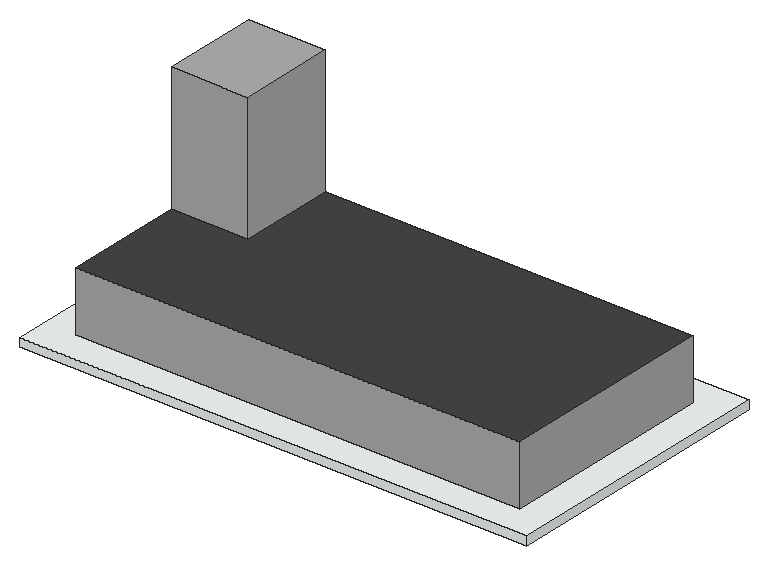
Revit family "1HVAC_Ductwork_Airzone_Supply-Motorized-Curved-Slat-Grille_RIC1", category Air Terminals, Revit 2016
Family settings
  Part Type = Normal
  Round Connector Dimension = Use Diameter
  OmniClass Number = 23.75.70.21.27.11
  OmniClass Title = Diffusers, Registers, and Grilles
  Work Plane-Based = No
  Always vertical = Yes
  Cut with Voids When Loaded = No
  Shared = No
  Room Calculation Point = Yes
Parameters (values of type "INVALID TYPE - Use Load Family and Type Catalog instead")
  c8 = -0.5271  # constant formula
  c7 = 0.01545  # constant formula
  c6 = -11.04  # constant formula
  c5 = 67.31  # constant formula
  c4 = -15.62  # constant formula
  c3 = -136.9  # constant formula
  c2 = -2.091  # constant formula
  c1 = 0.000112  # constant formula
  Velocity [instance] = (Q / (36 * Ak)) * 1.0 m/s  # 1.6469 m/s
  URL = "www.airzone.es"
  Type Image Comments = "Image available in product documentation download"  # constant formula
  Type Comments = ""
  Throw Distance [instance] = round((c7 * (Ak ^ c8) * Q) * 1000) * 1 mm  # 1421 mm
  Sound Level in dBA [instance] = round((c3 + (c4 * log(Ak))) + ((c5 + (c6 * log(Ak))) * log(Q)))  # -6
  Revit Model Version = "1.0"  # constant formula
  Q [instance] = Flow / 1 m³/h  # 150
  Product Documentation Download URL = "http://doc.airzone.es/BIM/Motorized_air_diffusion/Airzone_RIC.zip"
  Product Comments = "Refer to technical documentation for further details"  # constant formula
  Product Code = "INVALID – Type not loaded via type catalog"
  Pressure Drop [instance] = ((c1 * (Ak ^ c2)) * (Q ^ 2)) * 1.0 Pa  # 0.361806 Pa
  Model = Product Code  # "INVALID – Type not loaded via type catalog"
  Min Flow = 150 m³/h
  Max Flow = 1500 m³/h
  Manufacturer = "AIRZONE"  # constant formula
  Main Material = Metal - AIRZONE - Extruded Aluminium - White (RAL 9010)
  Long Description = "RIC curved-slat smart grille made of extruded aluminum with 26-mm frame. Made up of two parts: a first row of horizontal slats that can be manually adjusted and a second row of horizontal slats controlled by connecting rod-actuator assembly. It allows you to regulate the air flow to guarantee a perfect air distribution."  # constant formula
  Grille Material = Metal - AIRZONE - Grille 25 mm - White (RAL 9010)
  Flow [instance] = 150 m³/h
  Fixing = "Screw (T), mounting frame required"  # constant formula
  Finish = "White (RAL 9010)"
  Effective Area = Ak * 100.00 cm²  # 253.00 cm²
  Duct Width = 300 mm
  Duct Height = 150 mm
  Disclaimer = "All information provided in this model is reviewed before being published. However, Airzone cannot guarantee this model is error-free, therefore users are strongly encouraged to check for technical documentation and updates"  # constant formula
  Description = "Curved-slat smart motorized grille"  # constant formula
  Compatible Accesories = "Mounting frame. Manual flow regulation. Plenum for grille (PREJ, FR-X2F). Grille deflector"  # constant formula
  Ak = 2.53
  Actuator Description = "MINT - Smart grille actuator - 12V, 40mA, 250mA max, 0.8 Nm"  # constant formula
  Accessories Material = Metal - AIRZONE - Extruded Aluminium - Anodized (Matt Silver Color)
Reference planes
  plane 1 "Center (Front/Back)": y = 0
  plane 2: z = 0
  plane 3 "Center (Left/Right)": x = 0
  plane 4 "Left": x = -150
  plane 5 "Right": x = 150
  plane 6 "Front": y = -75
  plane 7 "Back": y = 75
Forms (mm)
  Extrusion 1, solid, material "Metal - AIRZONE - Extruded Aluminium - White (RAL 9010)" <- "Main Material", detail levels fine
    sketch origin (0, 0, 0) x (1, 0, 0) y (0, 1, 0)
      loop
        line (-166, 91) -> (-166, -91) -> (166, -91) -> (166, 91) -> (-166, 91)
    from 0 to -5.5
  Extrusion 2, solid, material "Metal - AIRZONE - Extruded Aluminium - Anodized (Matt Silver Color)" <- "Accessories Material"
    sketch origin (0, 0, 0) x (1, 0, 0) y (0, 1, 0)
      loop
        line (-145.7, 70.7) -> (-145.7, -70.7) -> (145.7, -70.7) -> (145.7, 70.7) -> (-145.7, 70.7)
    from 0 to 39.4
  Extrusion 3, solid, material "Metal - AIRZONE - Extruded Aluminium - White (RAL 9010)" <- "Main Material", detail levels coarse+medium
    sketch origin (0, 0, 0) x (1, 0, 0) y (0, 1, 0)
      loop
        line (-166, 91) -> (-166, -91) -> (166, -91) -> (166, 91) -> (-166, 91)
    from 0 to -5.5
  Extrusion 4, solid, material "Metal - AIRZONE - Extruded Aluminium - Anodized (Matt Silver Color)" <- "Accessories Material", detail levels medium+fine
    sketch origin (-150, 0, 0) x (0, 1, 0) y (0, 0, 1)
      loop
        line (70.7, 122.7) -> (7.7, 122.7) -> (7.7, 39.4) -> (70.7, 39.4) -> (70.7, 122.7)
    from 4.3 to 54.6
Lines and regions (mm)
  Split face 1
    outline origin (0, 0, -5.5) x (1, 0, 0) y (0, 1, 0)
      loop
        line (-140, -65) -> (140, -65) -> (140, 65) -> (-140, 65) -> (-140, -65)
  model lines, detail levels medium
    curve 1: line (-140, 65, -5.5) -> (140, 65, -5.5)
    curve 2: line (-140, -65, -5.5) -> (-140, 65, -5.5)
    curve 3: line (140, -65, -5.5) -> (-140, -65, -5.5)
    curve 4: line (140, 65, -5.5) -> (140, -65, -5.5)
  symbolic lines
    curve 5: line (-150, 75, 0) -> (150, 75, 0)
    curve 6: line (-150, -75, 0) -> (-150, 75, 0)
    curve 7: line (150, -75, 0) -> (-150, -75, 0)
    curve 8: line (150, 75, 0) -> (150, -75, 0)
    curve 9: line (-150, -75, 0) -> (150, 75, 0)
    curve 10: line (150, -75, 0) -> (-150, 75, 0)
  model lines, detail levels coarse
    curve 11: line (-166, -91, -5.5) -> (166, 91, -5.5)
    curve 12: line (166, 91, -5.5) -> (-166, 91, -5.5)
    curve 13: line (-166, 91, -5.5) -> (166, -91, -5.5)
Dimensions and locks
  equal spacing: plane 4 "Left", plane 3 "Center (Left/Right)", plane 5 "Right"
  equal spacing: plane 7 "Back", plane 1 "Center (Front/Back)", plane 6 "Front"
  "Duct Width": plane 4 "Left" to plane 5 "Right"
  "Duct Height": plane 7 "Back" to plane 6 "Front"
  locked: Extrusion 1 sketch curve to plane 4 "Left" at 16
  locked: plane 5 "Right" to Extrusion 1 sketch curve at 16
  locked: Extrusion 1 sketch curve to plane 7 "Back" at 16
  locked: plane 6 "Front" to Extrusion 1 sketch curve at 16
  locked: plane 4 "Left" to Split face 1 sketch curve at 10
  locked: Split face 1 sketch curve to plane 5 "Right" at 10
  locked: plane 7 "Back" to Split face 1 sketch curve at 10
  locked: Split face 1 sketch curve to plane 6 "Front" at 10
  locked: plane 4 "Left" to Extrusion 2 sketch curve at 4.3
  locked: Extrusion 2 sketch curve to plane 5 "Right" at 4.3
  locked: plane 7 "Back" to Extrusion 2 sketch curve at 4.3
  locked: Extrusion 2 sketch curve to plane 6 "Front" at 4.3
  locked: Extrusion 3 sketch curve to plane 4 "Left" at 16
  locked: plane 5 "Right" to Extrusion 3 sketch curve at 16
  locked: Extrusion 3 sketch curve to plane 7 "Back" at 16
  locked: plane 6 "Front" to Extrusion 3 sketch curve at 16
  locked: curve 4 to plane 5 "Right" at 10
  locked: plane 4 "Left" to curve 2 at 10
  locked: plane 7 "Back" to curve 1 at 10
  locked: curve 3 to plane 6 "Front" at 10
  locked: Extrusion 4 sketch curve to Extrusion 4 sketch curve at 63
  locked: Extrusion 4 sketch curve to Extrusion 4 sketch curve at 83.3
  locked: Extrusion 4 sketch curve to level at 39.4
  locked: plane 7 "Back" to Extrusion 4 sketch curve at 4.3
  aligned and locked: level to plane 2
  aligned and locked: plane 4 "Left" to curve 6
  aligned and locked: curve 5 to plane 7 "Back"
  aligned and locked: curve 8 to plane 5 "Right"
  aligned and locked: plane 6 "Front" to curve 7
Automatic sketch dimensions
  curve 13 to Extrusion 3 = 0 mm  (x3)
  curve 11 to Extrusion 3 = 0 mm  (x3)
  curve 12 to Extrusion 3 = 0 mm
Connectors
  hvac at (0, 0, 39.4), driven by "Pressure Drop", driven by "Flow", driven by "Duct Height", driven by "Duct Width"
    settings: on Extrusion 2, index 1, duct flow 150 m³/h, flow factor 0, pres drop 0.361806 Pa, loss coef 0, conn angle 0.00°, conn width 300 mm, conn height 150 mm, conn diameter 609.6 mm, duct sys type 1, conn prof type 1, flow config 1, flow direction 1, loss method 4, conn ref index -1, conn util no, is conn primary yes, conn desc "Supply Air"
  electrical at (-120.55, 39.2, 122.7), driven by "Actuator Description"
    settings: on Extrusion 4, index 2, voltage 0 V, apparent load 0 VA, apparent load phase1 0 VA, apparent load phase2 0 VA, apparent load phase3 0 VA, power factor 1, load classification "Other", number of poles 1, system type 13, power factor state 1, is connector primary yes, connector utility no, sub classification motor no, connector description "MINT - Smart grille actuator - 12V, 40mA, 250mA max, 0.8 Nm"
